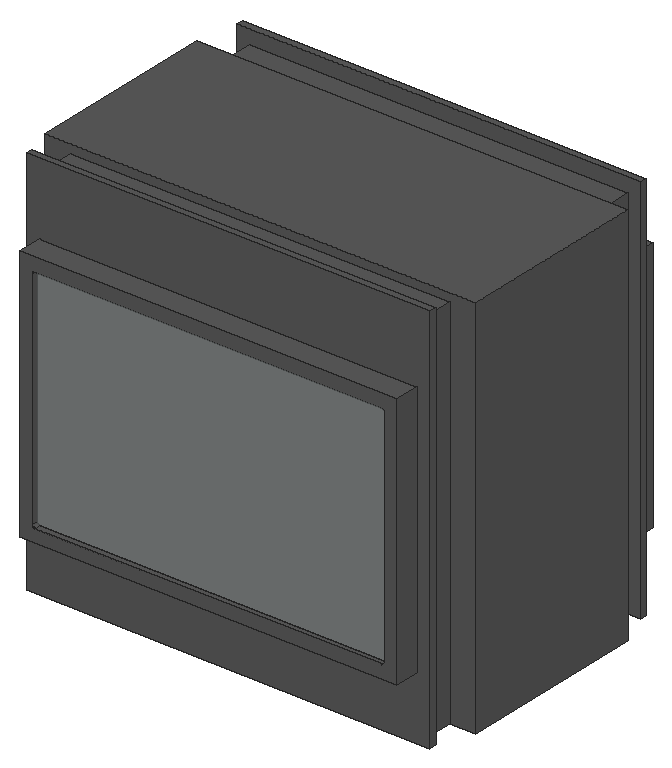
Revit family "H38-SVO_HL38-SVO", category Generic Models, Revit 2019
Family settings
  Can host rebar = No
  Round Connector Dimension = Use Diameter
  Part Type = Normal
  Work Plane-Based = No
  Always vertical = Yes
  Cut with Voids When Loaded = No
  Shared = No
  Room Calculation Point = No
Parameters
  Width = 12 5/16"
  URL = "https://www.montigo.com/"
  Model = ""
  Manufacturer Fax = ""
  Manufacturer Website = "https://www.montigo.com/"
  Manufacturer Phone - Toll Free = "800-378-3115"
  Manufacturer Phone = ""
  Manufacturer Address = "27342 Gloucester Way  Langley, BC, Canada   V4W 4A1"
  Manufacturer = "Montigo"
  Length = 53 7/16"
  Keynote = ""
  Glazing Tint = Glass - Montigo - Tint as Specified
  Frame Material = Metal - Montigo - Black
  Firebox Material = Metal - Montigo - White
  Fire Place Length = 50 5/16"
  Fire Place Height = 24 1/2"
  Fire Place - Opening = 16 9/16"
  Description = "Montigo Fireplace as Specified"
  Base Height = 6 9/16"
Reference planes (in)
  plane 1 "Center (Front/Back)": y = 0
  plane 2: z = 0
  plane 3 "Center (Left/Right)": x = 0
Forms (in)
  Extrusion 1, solid, material "Metal - Montigo - Black" <- "Frame Material"
    sketch origin (0, 0, 0) x (1, 0, 0) y (0, 1, 0)
      loop
        line (-17.72897, 12.005) -> (-17.72897, -12.005) -> (17.70751, -12.005) -> (17.70751, 12.005) -> (-17.72897, 12.005)
    from 0 to 35.316
  Extrusion 2, solid, material "Metal - Montigo - Black" <- "Frame Material"
    sketch origin (0, 0, 0) x (1, 0, 0) y (0, 1, 0)
      loop
        line (-20.14697, 8.875) -> (-20.14697, -8.875) -> (20.13303, -8.875) -> (20.13303, 8.875) -> (-20.14697, 8.875)
    from 0 to 36.163
  Extrusion 3, solid, material "Metal - Montigo - Black" <- "Frame Material"
    sketch origin (0, 0, 0) x (1, 0, 0) y (0, 1, 0)
      loop
        line (-18.87253, -12.005) -> (-18.87253, -12.629) -> (18.87747, -12.629) -> (18.87747, -12.005) -> (-18.87253, -12.005)
    from 0 to 36.65877
  Extrusion 4, solid, material "Metal - Montigo - Black" <- "Frame Material"
    sketch origin (0, -1.25, 0) x (1, 0, 0) y (0, 1, 0)
      loop
        line (-17.62746, -11.379) -> (-17.62746, -13.69867) -> (17.62746, -13.69867) -> (17.62746, -11.379) -> (-17.62746, -11.379)
    from 5.91988 to 29.84865
  Extrusion 5, void
    sketch origin (42.25, -6.4375, -60.4265) x (-1, 0, 0) y (0, 0, -1)
      loop
        line (58.72746, -88.79191) -> (58.72746, -67.81991)
        arc (58.72746, -67.81991) -> (58.64692, -67.62546) -> (58.45246, -67.54491) r 0.275
        line (58.45246, -67.54491) -> (26.05246, -67.54491)
        arc (26.05246, -67.54491) -> (25.85801, -67.62546) -> (25.77746, -67.81991) r 0.275
        line (25.77746, -67.81991) -> (25.77746, -88.79191)
        arc (25.77746, -88.79191) -> (25.85801, -88.98637) -> (26.05246, -89.06691) r 0.275
        line (26.05246, -89.06691) -> (58.45246, -89.06691)
        arc (58.45246, -89.06691) -> (58.64692, -88.98637) -> (58.72746, -88.79191) r 0.275
    from 8 to 12
  Extrusion 6, solid, material "Metal - Montigo - Black" <- "Frame Material"
    sketch origin (0, 1.25, 0) x (1, 0, 0) y (0, 1, 0)
      loop
        line (-17.62746, 11.379) -> (17.62746, 11.379) -> (17.62746, 13.69867) -> (-17.62746, 13.69867) -> (-17.62746, 11.379)
    from 5.91988 to 29.84865
  Extrusion 7, void
    sketch origin (42.25, 6.4375, -60.4265) x (-1, 0, 0) y (0, 0, 1)
      loop
        arc (58.72746, 88.79191) -> (58.64692, 88.98637) -> (58.45246, 89.06691) r 0.275
        line (58.45246, 89.06691) -> (26.05246, 89.06691)
        arc (26.05246, 89.06691) -> (25.85801, 88.98637) -> (25.77746, 88.79191) r 0.275
        line (25.77746, 88.79191) -> (25.77746, 67.81991)
        arc (25.77746, 67.81991) -> (25.85801, 67.62546) -> (26.05246, 67.54491) r 0.275
        line (26.05246, 67.54491) -> (58.45246, 67.54491)
        arc (58.45246, 67.54491) -> (58.64692, 67.62546) -> (58.72746, 67.81991) r 0.275
        line (58.72746, 67.81991) -> (58.72746, 88.79191)
    from 8 to 12
  Extrusion 8, solid, material "Metal - Montigo - Black" <- "Frame Material"
    sketch origin (0, 0, 0) x (1, 0, 0) y (0, 1, 0)
      loop
        line (-18.87253, 12.005) -> (18.87747, 12.005) -> (18.87747, 12.629) -> (-18.87253, 12.629) -> (-18.87253, 12.005)
    from 0 to 36.65877
Cuts and joins
  joined: Extrusion 1, Extrusion 2, Extrusion 3
  Extrusion 5, Extrusion 7 cuts Extrusion 4
  Extrusion 7 cuts Extrusion 6
Dimensions and locks (in)
  cut or joined group of Extrusion 1, Extrusion 2, Extrusion 3 to cut or joined group of Extrusion 1, Extrusion 2, Extrusion 3 = 36.163"
  aligned and locked: level to plane 2
